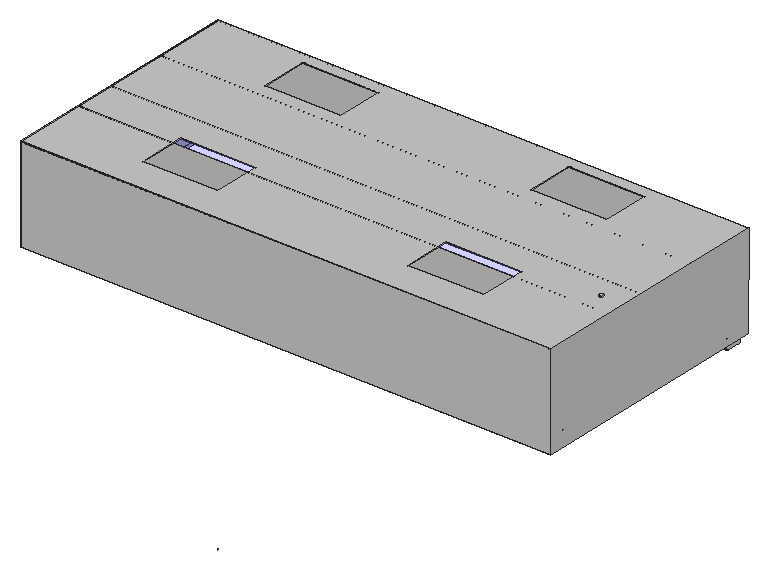
Revit family "QF_ELECTROLUXPROFESSIONAL_640040_STPF1328", category Attrezzature speciali, Revit 2021
Family settings
  Quota connettore circolare = Usa diametro
  Tipo di parte = Normale
  Basato su piano di lavoro = No
  Sempre verticale = Sì
  Taglio con vuoti quando caricato = No
  Condiviso = No
  Punto di calcolo locali = No
Parameters (values of type "Standard")
  Weight = 179.00 kg
  Watts = 240 W
  Volts = 220 V
  URL Manufacturer = "https://www.electroluxprofessional.com/"
  URL = "https://www.electroluxprofessional.com/"
  Steam Supply Size = 0 mm
  Steam Supply Minimum Pressure = 0.0 Pa
  Steam Supply Maximum Pressure = 0.0 Pa
  Steam Consumption per Hour = 0
  Refrigeration Suction Line Size = 0 mm
  Refrigeration Liquid Line Size = 0 mm
  Refrigerant Compressor Remote = yes
  Prospetto di default = 0 mm
  Produttore = "Electrolux Professional"
  Phase = 1
  Modello = "STPF1328"
  Length Actual = 2800 mm  # constant formula
  Item Number = "640040"
  Hot Water Size = 0 mm
  Height Actual = 500 mm  # constant formula
  HP = "0.3 HP"
  Gas Size = 0 mm
  Gas KW = 0
  Gas Input Pressure = 0 W
  Direct Waste Size = 0 mm
  Descrizione = "304 S/S WALL HOOD+FILTERS+LAMPS 280X130"
  Depth Actual = 1300 mm  # constant formula
  Cycle = 50 Hz
  Condensate Return Size = 0 mm
  Compressed Air Volume = 0.0 L/s
  Compressed Air Size = 0 mm
  Compressed Air Pressure = 0.0 Pa
  Cold Water Size = 0 mm
  Accessory = yes
Reference planes
  plane 1: z = 0
  plane 2 "Center (Left/Right)": x = 150
  plane 3 "LEFT": x = -1250
  plane 4 "RIGHT": x = 1550
  plane 5 "BACK": y = 550
  plane 6 "TOP": z = 2500
  plane 7 "Base": z = 2000
  plane 8: z = 1955
  plane 9 "DrainY": y = 490
  plane 10: x = -1247
  plane 11 "DrainX": x = 1430
  plane 12 "AOLeft2": x = -350
  plane 13 "AORight1": x = 650
  plane 14: x = 1547
  plane 15: x = -1050
  plane 16: x = 1350
  plane 17 "Center (Front/Back)": y = -100
  plane 18 "Front": y = -750
  plane 19 "AOLeft1": x = -750
  plane 20 "AORight2": x = 1050
  plane 21: y = -664
  plane 22: y = -414
  plane 23: y = 240
  plane 24: y = 490
  plane 25 "EI_y": y = -270
  plane 26 "EIx": x = 1430
Forms (mm)
  Extrusion 1, solid, material "QF_Finishes_Stainless Steel"
    sketch origin (-1250, 0, 360) x (0, 1, 0) y (0, 0, 1)
      loop
        line (550, 1640) -> (550, 2140) -> (-750, 2140) -> (-750, 1640) -> (550, 1640)
    from 0 to 3
  Extrusion 2, solid, material "QF_Finishes_Stainless Steel"
    sketch origin (1550, 0, 360) x (0, 1, 0) y (0, 0, 1)
      loop
        line (550, 1640) -> (550, 2140) -> (-750, 2140) -> (-750, 1640) -> (550, 1640)
    from 0 to -3
  Extrusion 3, solid, material "QF_Finishes_Stainless Steel"
    sketch origin (150, 0, 360) x (0, 1, 0) y (0, 0, 1)
      loop
        line (-750, 2140) -> (-750, 1640) -> (-740, 1640) -> (-740, 1640.8) -> (-749.2, 1640.8) -> (-749.2, 2139.19) -> (549.2, 2139.19) -> (549.2, 1640.8) -> (540, 1640.8) -> (540, 1640) -> (550, 1640) -> (550, 2140) -> (-750, 2140)
    from -1400 to 1400
  Extrusion 4, solid, material "QF_Finishes_Stainless Steel"
    sketch origin (0, 0, 2000) x (0, 1, 0) y (-1, 0, 0)
      loop
        circle (490, -1430) r 4.763
    from -30 to 0
  Extrusion 5, void
    sketch origin (0, 0, 2500) x (0, 1, 0) y (-1, 0, 0)
      loop
        line (-320, 350) -> (-320, 750) -> (-570, 750) -> (-570, 350) -> (-320, 350)
    from 0 to -10
  Extrusion 6, solid, material "QF_Finishes_Stainless Steel"
    sketch origin (0, 0, 0) x (1, 0, 0) y (0, 1, 0)
      loop
        line (-1250, 550) -> (-1250, 549) -> (-1249, 549) -> (-1249, 550) -> (-1250, 550)
    from 0 to 1
  Extrusion 7, solid, material "QF_LAMPS"
    sketch origin (150, 0, 360) x (0, 1, 0) y (0, 0, 1)
      loop
        line (-372.823, 1962.324) -> (-218.948, 2086.929) -> (-227.129, 2097.032) -> (-381.003, 1972.426) -> (-372.823, 1962.324)
    from 1397 to -1397
  Extrusion 8, solid, material "QF_Finishes_Stainless Steel"
    sketch origin (150, 0, 360) x (0, 1, 0) y (0, 0, 1)
      loop
        line (-750, 2139.19) -> (-750, 1640) -> (-686.602, 1640) -> (-599.146, 1690.493) -> (-610.058, 1709.394) -> (-666.564, 1676.77) -> (-714.704, 1680.982) -> (-749.2, 1730.248) -> (-749.2, 2139.19) -> (-750, 2139.19)
      loop
        line (-373.6, 1961.694) -> (-381.937, 1971.99) -> (-369.095, 1982.182) -> (-369.095, 2139.19) -> (-369.895, 2139.19) -> (-369.895, 1982.569) -> (-682.298, 1734.63) -> (-671.091, 1720.79) -> (-373.6, 1961.694)
      loop
        line (-227.61, 2099.216) -> (-218.171, 2087.559) -> (-154.411, 2139.19) -> (-155.682, 2139.19) -> (-218.052, 2088.684) -> (-226.989, 2099.719) -> (-227.61, 2099.216)
    from -1397 to 1397
  Sweep 9, solid, material "QF_Finishes_Stainless Steel"
    path origin (0, 0, 0) x (1, 0, 0) y (0, 1, 0)
      loop
        line (1550, 550) -> (-1250, 550) -> (-1250, -750) -> (1550, -750) -> (1550, 550)
    profile origin (1550, -100, 0) x (1, 0, 0) y (0, 0, 1)
      loop
        line (-3, 2000) -> (-3, 2000.8) -> (-19, 2000.8) -> (-19, 2010) -> (-20, 2010) -> (-20, 2000) -> (-3, 2000)
  Extrusion 10, solid, material "QF_Finishes_Stainless Steel"
    sketch origin (150, 0, 0) x (0, 1, 0) y (0, 0, 1)
      loop
        line (414.66, 2095.469) -> (440.643, 2110.471) -> (261.744, 2411.771) -> (235.948, 2396.455) -> (414.66, 2095.469)
    from -1397 to -1200
  Extrusion 11, void
    sketch origin (1134.605, 0, 2500) x (0, 1, 0) y (-1, 0, 0)
      loop
        line (-320, 84.605) -> (-320, 484.605) -> (-570, 484.605) -> (-570, 84.605) -> (-320, 84.605)
    from 0 to -10
  Extrusion 12, solid, material "QF_Finishes_Stainless Steel"
    sketch origin (1430, 0, 0) x (0, 1, 0) y (0, 0, 1)
      loop
        line (539, 2000) -> (441, 2000) -> (441, 1989) -> (448.5, 1989) -> (448.5, 1965)
        arc (448.5, 1965) -> (451.429, 1957.929) -> (458.5, 1955) r 10
        line (458.5, 1955) -> (521.5, 1955)
        arc (521.5, 1955) -> (528.571, 1957.929) -> (531.5, 1965) r 10
        line (531.5, 1965) -> (531.5, 1989) -> (539, 1989) -> (539, 2000)
    from 90 to -90
  Extrusion 13, solid, material "QF_Finishes_Stainless Steel"
    sketch origin (150, 0, 360) x (0, 1, 0) y (0, 0, 1)
      loop
        line (-750, 2139.19) -> (-750, 1640) -> (-686.602, 1640) -> (-599.146, 1690.493) -> (-610.058, 1709.394) -> (-666.564, 1676.77) -> (-714.704, 1680.982) -> (-749.2, 1730.248) -> (-749.2, 2139.19) -> (-750, 2139.19)
      loop
        line (-373.6, 1961.694) -> (-381.937, 1971.99) -> (-369.095, 1982.182) -> (-369.095, 2139.19) -> (-369.895, 2139.19) -> (-369.895, 1982.569) -> (-682.298, 1734.63) -> (-671.091, 1720.79) -> (-373.6, 1961.694)
      loop
        line (-227.61, 2099.216) -> (-218.171, 2087.559) -> (-154.411, 2139.19) -> (-155.682, 2139.19) -> (-218.052, 2088.684) -> (-226.989, 2099.719) -> (-227.61, 2099.216)
    from -1397 to 1397
  Extrusion 14, solid, material "QF_Finishes_Stainless Steel"
    sketch origin (150, 0, 0) x (0, 1, 0) y (0, 0, 1)
      loop
        line (414.66, 2095.469) -> (440.643, 2110.471) -> (261.744, 2411.771) -> (235.948, 2396.455) -> (414.66, 2095.469)
    from 1200 to 1397
  Extrusion 15, solid, material "QF_Finished_Chrome"
    sketch origin (150, 0, 0) x (0, 1, 0) y (0, 0, 1)
      loop
        line (414.66, 2095.469) -> (440.643, 2110.471) -> (261.744, 2411.771) -> (235.948, 2396.455) -> (414.66, 2095.469)
    from -1200 to 1200
  Extrusion 16, void
    sketch origin (0, 1180, 2500) x (0, 1, 0) y (-1, 0, 0)
      loop
        line (-690, 350) -> (-690, 750) -> (-940, 750) -> (-940, 350) -> (-690, 350)
    from 0 to -10
  Extrusion 17, void
    sketch origin (1600, 1180, 2500) x (0, 1, 0) y (-1, 0, 0)
      loop
        line (-690, 550) -> (-690, 950) -> (-940, 950) -> (-940, 550) -> (-690, 550)
    from 0 to -10
  Extrusion 18, solid, material "QF_Finishes_Stainless Steel"
    sketch origin (0, 0, 2500) x (0, 1, 0) y (-1, 0, 0)
      loop
        circle (-270, -1430) r 10
    from 0 to 1.6
  Extrusion 19, solid, material "QF_Finishes_Stainless Steel"
    sketch origin (150, 0, 360) x (0, 1, 0) y (0, 0, 1)
      loop
        line (430.005, 1640) -> (540, 1640) -> (540, 1640.8) -> (430.467, 1640.8) -> (371.906, 1742.23) -> (414.858, 1734.657) -> (442.266, 1750.481) -> (442.266, 1765.943) -> (441.466, 1765.943) -> (441.466, 1750.943) -> (414.709, 1735.495) -> (321.153, 1751.991) -> (320.875, 1750.416) -> (371.4, 1741.507) -> (430.005, 1640)
      loop
        line (172.529, 2139.19) -> (242.893, 2017.316) -> (245.133, 2018.715) -> (240.13, 2027.381) -> (238.569, 2026.405) -> (173.453, 2139.19) -> (172.529, 2139.19)
    from -1397 to 1397
Cuts and joins
  Extrusion 5, Extrusion 11, Extrusion 16, Extrusion 17 cuts Extrusion 3
  joined: Extrusion 2, Extrusion 3, Sweep 9
Lines and regions (mm)
  symbolic lines, style "SpecialityEquipment", detail levels coarse
    curve 1: line (1550, 550, 2500) -> (-1250, 550, 2500)
    curve 2: line (-1250, 550, 2500) -> (-1250, -750, 2500)
    curve 3: line (1550, -750, 2500) -> (1550, 550, 2500)
    curve 4: line (-1250, 550, 0) -> (1550, -750, 0)
    curve 5: line (1550, 550, 0) -> (-1250, -750, 0)
    curve 6: line (-1250, -750, 0) -> (1550, -750, 0)
    curve 7: line (-350, -320, 0) -> (-750, -320, 0)
    curve 8: line (-350, -570, 0) -> (-350, -320, 0)
    curve 9: line (-750, -570, 0) -> (-350, -570, 0)
    curve 10: line (-750, -320, 0) -> (-750, -570, 0)
    curve 11: line (650, -320, 0) -> (650, -570, 0)
    curve 12: line (1050, -320, 0) -> (650, -320, 0)
    curve 13: line (1050, -570, 0) -> (1050, -320, 0)
    curve 14: line (650, -570, 0) -> (1050, -570, 0)
  symbolic lines, detail levels coarse
    curve 15: line (-750, 240, 2500) -> (-350, 240, 2500)
    curve 16: line (-750, 490, 2500) -> (-750, 240, 2500)
    curve 17: line (-350, 490, 2500) -> (-750, 490, 2500)
    curve 18: line (-350, 240, 2500) -> (-350, 490, 2500)
    curve 19: line (650, 490, 2500) -> (650, 240, 2500)
    curve 20: line (1050, 490, 2500) -> (650, 490, 2500)
    curve 21: line (650, 240, 2500) -> (1050, 240, 2500)
    curve 22: line (1050, 240, 2500) -> (1050, 490, 2500)
Dimensions and locks
  plane 3 "LEFT" to plane 4 "RIGHT" = 2800 mm
  equal spacing: plane 3 "LEFT", plane 2 "Center (Left/Right)", plane 4 "RIGHT"
  plane 7 "Base" to plane 8 = 45 mm
  plane 5 "BACK" to plane 9 "DrainY" = 60 mm  (x2)
  plane 3 "LEFT" to plane 10 = 3 mm
  plane 11 "DrainX" to plane 4 "RIGHT" = 120 mm
  plane 14 to plane 4 "RIGHT" = 3 mm
  plane 3 "LEFT" to plane 15 = 200 mm
  plane 16 to plane 4 "RIGHT" = 200 mm
  locked: plane 12 "AOLeft2" to plane 13 "AORight1" at 1000
  equal spacing: plane 12 "AOLeft2", plane 2 "Center (Left/Right)", plane 13 "AORight1"
  locked: plane 7 "Base" to level at 2000
  locked: plane 6 "TOP" to plane 7 "Base" at 500
  locked: plane 5 "BACK" to plane 18 "Front" at 1300
  equal spacing: plane 5 "BACK", plane 17 "Center (Front/Back)", plane 18 "Front"
  locked: plane 19 "AOLeft1" to plane 12 "AOLeft2" at 400
  locked: plane 13 "AORight1" to plane 20 "AORight2" at 400
  locked: plane 22 to plane 21 at 250
  plane 21 to plane 18 "Front" = 86 mm
  locked: plane 24 to plane 23 at 250
  plane 5 "BACK" to plane 24 = 60 mm
  locked: plane 25 "EI_y" to plane 18 "Front" at 480
  locked: plane 26 "EIx" to plane 4 "RIGHT" at 120
  plane 5 "BACK" to plane 18 "Front" = 1300 mm
  aligned and locked: level to plane 1
  aligned and locked: plane 4 "RIGHT" to Extrusion 3
  aligned and locked: Extrusion 3 to plane 3 "LEFT"
  aligned and locked: Extrusion 2 to plane 14
  aligned and locked: Extrusion 10 to plane 10
  aligned and locked: Extrusion 8 to plane 10
  aligned and locked: plane 14 to Extrusion 8
  aligned and locked: Extrusion 5 to plane 19 "AOLeft1"
  aligned and locked: Extrusion 5 to plane 12 "AOLeft2"
  aligned and locked: plane 20 "AORight2" to Extrusion 11
  aligned and locked: plane 13 "AORight1" to Extrusion 11
  aligned and locked: plane 15 to Extrusion 10
  aligned and locked: plane 16 to Extrusion 14
  aligned and locked: plane 14 to Extrusion 14
  aligned and locked: Extrusion 15 to plane 15
  aligned and locked: Extrusion 15 to plane 16
  aligned and locked: plane 14 to Extrusion 7
  aligned and locked: Extrusion 7 to plane 10
  aligned and locked: Extrusion 16 to plane 23
  aligned and locked: plane 24 to Extrusion 16
  aligned and locked: plane 24 to Extrusion 17
  aligned and locked: Extrusion 17 to plane 23
  aligned and locked: plane 13 "AORight1" to Extrusion 17
  aligned and locked: plane 20 "AORight2" to Extrusion 17
  aligned and locked: Extrusion 16 to plane 19 "AOLeft1"
  aligned and locked: Extrusion 16 to plane 12 "AOLeft2"
  aligned and locked: Extrusion 19 to plane 10
  aligned and locked: plane 14 to Extrusion 19
  aligned and locked: plane 14 to Extrusion 13
  aligned and locked: Extrusion 13 to plane 10
Automatic sketch dimensions
  curve 6 to plane 3 "LEFT" = 0 mm
  curve 4 to plane 3 "LEFT" = 0 mm
  curve 10 to plane 19 "AOLeft1" = 0 mm
  curve 8 to plane 12 "AOLeft2" = 0 mm
  curve 14 to plane 13 "AORight1" = 0 mm
  curve 14 to plane 20 "AORight2" = 0 mm
  curve 5 to plane 4 "RIGHT" = 0 mm
  curve 6 to plane 4 "RIGHT" = 0 mm
  curve 4 to plane 18 "Front" = 0 mm
  curve 4 to plane 5 "BACK" = 0 mm
  curve 5 to plane 5 "BACK" = 0 mm
  plane 21 to curve 14 = 94 mm
  plane 21 to curve 9 = 94 mm
  curve 10 to plane 25 "EI_y" = 50 mm
  curve 11 to plane 25 "EI_y" = 50 mm
  curve 2 to plane 3 "LEFT" = 0 mm
  curve 2 to plane 18 "Front" = 0 mm
  curve 3 to plane 4 "RIGHT" = 0 mm
  curve 3 to plane 18 "Front" = 0 mm
  curve 2 to plane 5 "BACK" = 0 mm
  Extrusion 1 sketch curve to plane 7 "Base" = 0 mm
  Extrusion 1 sketch curve to plane 18 "Front" = 0 mm
  Extrusion 1 sketch curve to plane 5 "BACK" = 0 mm
  Extrusion 1 sketch curve to plane 6 "TOP" = 0 mm
  Extrusion 2 sketch curve to plane 7 "Base" = 0 mm
  Extrusion 2 sketch curve to plane 18 "Front" = 0 mm
  Extrusion 2 sketch curve to plane 5 "BACK" = 0 mm
  Extrusion 2 sketch curve to plane 6 "TOP" = 0 mm
  Extrusion 3 sketch curve to plane 6 "TOP" = 0 mm
  Extrusion 3 sketch curve to plane 18 "Front" = 0 mm
  Extrusion 3 sketch curve to plane 7 "Base" = 0 mm  (x2)
  Extrusion 3 sketch curve to plane 5 "BACK" = 0 mm
  plane 18 "Front" to Extrusion 3 sketch curve = 0.8 mm
  Extrusion 3 sketch curve to Extrusion 3 sketch curve = 9.2 mm
  plane 7 "Base" to Extrusion 3 sketch curve = 0.8 mm  (x2)
  Extrusion 3 sketch curve to plane 5 "BACK" = 10 mm
  Extrusion 3 sketch curve to plane 5 "BACK" = 0.8 mm
  Extrusion 3 sketch curve to plane 6 "TOP" = 0.81 mm
  Extrusion 4 sketch curve to plane 9 "DrainY" = 0 mm
  Extrusion 4 sketch curve to plane 11 "DrainX" = 0 mm
  Extrusion 5 sketch curve to plane 12 "AOLeft2" = 0 mm
  Extrusion 5 sketch curve to plane 19 "AOLeft1" = 0 mm
  plane 21 to Extrusion 5 sketch curve = 94 mm
  Extrusion 5 sketch curve to plane 25 "EI_y" = 50 mm
  Extrusion 6 sketch curve to plane 3 "LEFT" = 0 mm
  Extrusion 6 sketch curve to plane 5 "BACK" = 0 mm
  plane 3 "LEFT" to Extrusion 6 sketch curve = 1 mm
  Extrusion 6 sketch curve to Extrusion 6 sketch curve = 1 mm
  plane 22 to Extrusion 7 sketch curve = 32.997 mm
  Extrusion 7 sketch curve to Extrusion 7 sketch curve = 8.181 mm  (x2)
  plane 25 "EI_y" to Extrusion 7 sketch curve = 42.871 mm
  Extrusion 7 sketch curve to plane 6 "TOP" = 177.676 mm
  Extrusion 7 sketch curve to Extrusion 7 sketch curve = 10.102 mm
  Extrusion 7 sketch curve to plane 6 "TOP" = 53.071 mm
  Extrusion 7 sketch curve to Extrusion 7 sketch curve = 10.103 mm
  Extrusion 8 sketch curve to plane 7 "Base" = 0 mm
  Extrusion 8 sketch curve to plane 18 "Front" = 0 mm
  Extrusion 8 sketch curve to Extrusion 8 sketch curve = 0.8 mm  (x2)
  plane 18 "Front" to Extrusion 8 sketch curve = 35.296 mm
  Extrusion 8 sketch curve to plane 21 = 22.602 mm
  Extrusion 8 sketch curve to plane 21 = 18.298 mm
  Extrusion 8 sketch curve to plane 21 = 7.091 mm
  Extrusion 8 sketch curve to plane 21 = 2.564 mm
  plane 21 to Extrusion 8 sketch curve = 53.942 mm
  Extrusion 8 sketch curve to Extrusion 8 sketch curve = 10.912 mm
  plane 22 to Extrusion 8 sketch curve = 32.063 mm
  Extrusion 8 sketch curve to Extrusion 8 sketch curve = 8.337 mm
  Extrusion 8 sketch curve to Extrusion 8 sketch curve = 12.042 mm
  plane 25 "EI_y" to Extrusion 8 sketch curve = 42.39 mm
  Extrusion 8 sketch curve to Extrusion 8 sketch curve = 0.622 mm
  Extrusion 8 sketch curve to Extrusion 8 sketch curve = 9.44 mm
  Extrusion 8 sketch curve to Extrusion 8 sketch curve = 0.118 mm
  Extrusion 8 sketch curve to plane 6 "TOP" = 0.81 mm  (x3)
  Extrusion 8 sketch curve to plane 17 "Center (Front/Back)" = 55.682 mm
  Extrusion 8 sketch curve to Extrusion 8 sketch curve = 1.271 mm
  plane 7 "Base" to Extrusion 8 sketch curve = 36.77 mm
  plane 7 "Base" to Extrusion 8 sketch curve = 40.982 mm
  plane 7 "Base" to Extrusion 8 sketch curve = 50.493 mm
  Extrusion 8 sketch curve to Extrusion 8 sketch curve = 18.901 mm
  Extrusion 8 sketch curve to Extrusion 8 sketch curve = 44.02 mm
  Extrusion 8 sketch curve to Extrusion 8 sketch curve = 49.266 mm
  Extrusion 8 sketch curve to Extrusion 8 sketch curve = 13.84 mm
  Extrusion 8 sketch curve to plane 6 "TOP" = 178.306 mm
  Extrusion 8 sketch curve to Extrusion 8 sketch curve = 10.296 mm
  Extrusion 8 sketch curve to Extrusion 8 sketch curve = 10.192 mm
  Extrusion 8 sketch curve to Extrusion 8 sketch curve = 0.386 mm
  Extrusion 8 sketch curve to plane 6 "TOP" = 52.441 mm
  Extrusion 8 sketch curve to Extrusion 8 sketch curve = 1.125 mm
  Sweep 9 sketch curve to plane 3 "LEFT" = 0 mm
  Sweep 9 sketch curve to plane 4 "RIGHT" = 0 mm
  Sweep 9 sketch curve to plane 18 "Front" = 0 mm
  Sweep 9 sketch curve to plane 5 "BACK" = 0 mm
  profile plane to Sweep 9 sketch curve = 20 mm
  Sweep 9 sketch curve to Sweep 9 sketch curve = 1 mm
  profile plane to Sweep 9 sketch curve = 3 mm
  level to Sweep 9 sketch curve = 2000 mm
  Sweep 9 sketch curve to Sweep 9 sketch curve = 0.8 mm
  Sweep 9 sketch curve to Sweep 9 sketch curve = 9.2 mm
  Extrusion 10 sketch curve to plane 23 = 4.052 mm
  plane 23 to Extrusion 10 sketch curve = 21.744 mm
  Extrusion 10 sketch curve to plane 9 "DrainY" = 75.34 mm
  Extrusion 10 sketch curve to Extrusion 10 sketch curve = 25.983 mm
  plane 7 "Base" to Extrusion 10 sketch curve = 95.469 mm
  Extrusion 10 sketch curve to Extrusion 10 sketch curve = 15.001 mm
  Extrusion 10 sketch curve to plane 6 "TOP" = 103.545 mm
  Extrusion 10 sketch curve to Extrusion 10 sketch curve = 15.316 mm
  Extrusion 11 sketch curve to plane 20 "AORight2" = 0 mm
  Extrusion 11 sketch curve to plane 13 "AORight1" = 0 mm
  plane 21 to Extrusion 11 sketch curve = 94 mm
  Extrusion 11 sketch curve to plane 25 "EI_y" = 50 mm
  Extrusion 13 sketch curve to plane 7 "Base" = 0 mm
  Extrusion 13 sketch curve to plane 18 "Front" = 0 mm
  Extrusion 13 sketch curve to Extrusion 13 sketch curve = 0.8 mm  (x2)
  plane 18 "Front" to Extrusion 13 sketch curve = 35.296 mm
  Extrusion 13 sketch curve to plane 21 = 22.602 mm
  Extrusion 13 sketch curve to plane 21 = 18.298 mm
  Extrusion 13 sketch curve to plane 21 = 7.091 mm
  Extrusion 13 sketch curve to plane 21 = 2.564 mm
  plane 21 to Extrusion 13 sketch curve = 53.942 mm
  Extrusion 13 sketch curve to Extrusion 13 sketch curve = 10.912 mm
  plane 22 to Extrusion 13 sketch curve = 32.063 mm
  Extrusion 13 sketch curve to Extrusion 13 sketch curve = 8.337 mm
  Extrusion 13 sketch curve to plane 6 "TOP" = 0.81 mm  (x3)
  plane 22 to Extrusion 13 sketch curve = 44.105 mm
  plane 25 "EI_y" to Extrusion 13 sketch curve = 42.39 mm
  Extrusion 13 sketch curve to Extrusion 13 sketch curve = 0.622 mm
  Extrusion 13 sketch curve to Extrusion 13 sketch curve = 9.44 mm
  Extrusion 13 sketch curve to Extrusion 13 sketch curve = 0.118 mm
  Extrusion 13 sketch curve to plane 17 "Center (Front/Back)" = 55.682 mm
  Extrusion 13 sketch curve to Extrusion 13 sketch curve = 1.271 mm
  plane 7 "Base" to Extrusion 13 sketch curve = 36.77 mm
  plane 7 "Base" to Extrusion 13 sketch curve = 40.982 mm
  plane 7 "Base" to Extrusion 13 sketch curve = 50.493 mm
  Extrusion 13 sketch curve to Extrusion 13 sketch curve = 18.901 mm
  Extrusion 13 sketch curve to Extrusion 13 sketch curve = 44.02 mm
  Extrusion 13 sketch curve to Extrusion 13 sketch curve = 49.266 mm
  Extrusion 13 sketch curve to Extrusion 13 sketch curve = 13.84 mm
  Extrusion 13 sketch curve to Extrusion 13 sketch curve = 177.496 mm
  Extrusion 13 sketch curve to Extrusion 13 sketch curve = 10.296 mm
  Extrusion 13 sketch curve to Extrusion 13 sketch curve = 10.192 mm
  Extrusion 13 sketch curve to Extrusion 13 sketch curve = 0.386 mm
  Extrusion 13 sketch curve to plane 6 "TOP" = 52.441 mm
  Extrusion 13 sketch curve to Extrusion 13 sketch curve = 1.125 mm
  Extrusion 14 sketch curve to plane 23 = 4.052 mm
  plane 23 to Extrusion 14 sketch curve = 21.744 mm
  Extrusion 14 sketch curve to plane 9 "DrainY" = 75.34 mm
  Extrusion 14 sketch curve to Extrusion 14 sketch curve = 25.983 mm
  plane 7 "Base" to Extrusion 14 sketch curve = 95.469 mm
  Extrusion 14 sketch curve to Extrusion 14 sketch curve = 15.001 mm
  Extrusion 14 sketch curve to plane 6 "TOP" = 103.545 mm
  Extrusion 14 sketch curve to Extrusion 14 sketch curve = 15.316 mm
  Extrusion 15 sketch curve to plane 23 = 4.052 mm
  plane 23 to Extrusion 15 sketch curve = 21.744 mm
  Extrusion 15 sketch curve to plane 9 "DrainY" = 75.34 mm
  Extrusion 15 sketch curve to Extrusion 15 sketch curve = 25.983 mm
  plane 7 "Base" to Extrusion 15 sketch curve = 95.469 mm
  Extrusion 15 sketch curve to Extrusion 15 sketch curve = 15.001 mm
  Extrusion 15 sketch curve to plane 6 "TOP" = 103.545 mm
  Extrusion 15 sketch curve to Extrusion 15 sketch curve = 15.316 mm
  Extrusion 16 sketch curve to plane 12 "AOLeft2" = 0 mm
  Extrusion 16 sketch curve to plane 23 = 0 mm
  Extrusion 16 sketch curve to plane 9 "DrainY" = 0 mm
  Extrusion 16 sketch curve to plane 19 "AOLeft1" = 0 mm
  Extrusion 17 sketch curve to plane 20 "AORight2" = 0 mm
  Extrusion 17 sketch curve to plane 23 = 0 mm
  Extrusion 17 sketch curve to plane 9 "DrainY" = 0 mm
  Extrusion 17 sketch curve to plane 13 "AORight1" = 0 mm
  Extrusion 18 sketch curve to plane 25 "EI_y" = 0 mm
  Extrusion 18 sketch curve to plane 26 "EIx" = 0 mm
  Extrusion 19 sketch curve to plane 7 "Base" = 0 mm
  Extrusion 19 sketch curve to plane 9 "DrainY" = 47.734 mm
  Extrusion 19 sketch curve to Extrusion 19 sketch curve = 0.8 mm
  plane 9 "DrainY" to Extrusion 19 sketch curve = 50 mm
  plane 7 "Base" to Extrusion 19 sketch curve = 0.8 mm
  Extrusion 19 sketch curve to Extrusion 19 sketch curve = 109.533 mm
  Extrusion 19 sketch curve to Extrusion 19 sketch curve = 0.462 mm  (x2)
  Extrusion 19 sketch curve to Extrusion 19 sketch curve = 26.608 mm
  Extrusion 19 sketch curve to Extrusion 19 sketch curve = 0.148 mm
  Extrusion 19 sketch curve to Extrusion 19 sketch curve = 42.803 mm
  Extrusion 19 sketch curve to Extrusion 19 sketch curve = 0.506 mm
  Extrusion 19 sketch curve to Extrusion 19 sketch curve = 50.247 mm
  Extrusion 19 sketch curve to Extrusion 19 sketch curve = 0.278 mm
  plane 23 to Extrusion 19 sketch curve = 5.133 mm
  Extrusion 19 sketch curve to Extrusion 19 sketch curve = 2.24 mm
  plane 23 to Extrusion 19 sketch curve = 0.13 mm
  Extrusion 19 sketch curve to plane 23 = 1.431 mm
  Extrusion 19 sketch curve to plane 6 "TOP" = 0.81 mm
  Extrusion 19 sketch curve to plane 23 = 66.547 mm
  Extrusion 19 sketch curve to Extrusion 19 sketch curve = 0.924 mm
  plane 7 "Base" to Extrusion 19 sketch curve = 94.657 mm
  Extrusion 19 sketch curve to Extrusion 19 sketch curve = 0.838 mm
  Extrusion 19 sketch curve to Extrusion 19 sketch curve = 6.012 mm
  Extrusion 19 sketch curve to Extrusion 19 sketch curve = 0.723 mm
  Extrusion 19 sketch curve to Extrusion 19 sketch curve = 14.986 mm
  Extrusion 19 sketch curve to Extrusion 19 sketch curve = 15 mm
  Extrusion 19 sketch curve to plane 6 "TOP" = 122.684 mm
  Extrusion 19 sketch curve to Extrusion 19 sketch curve = 1.399 mm
  Extrusion 19 sketch curve to Extrusion 19 sketch curve = 9.089 mm
  Extrusion 19 sketch curve to Extrusion 19 sketch curve = 0.975 mm
  curve 15 to plane 19 "AOLeft1" = 0 mm
  curve 15 to plane 23 = 0 mm
  curve 16 to plane 9 "DrainY" = 0 mm
  curve 15 to plane 12 "AOLeft2" = 0 mm
  curve 19 to plane 13 "AORight1" = 0 mm
  curve 19 to plane 23 = 0 mm
  curve 20 to plane 9 "DrainY" = 0 mm
  curve 21 to plane 20 "AORight2" = 0 mm
  Extrusion 12 sketch curve to plane 8 = 0 mm
  Extrusion 12 sketch curve to plane 7 "Base" = 11 mm  (x2)
  Extrusion 12 sketch curve to plane 9 "DrainY" = 49 mm
  Extrusion 12 sketch curve to Extrusion 12 sketch curve = 7.5 mm  (x2)
  Extrusion 12 sketch curve to Extrusion 12 sketch curve = 10 mm
  Extrusion 12 sketch curve to plane 5 "BACK" = 28.5 mm
  Extrusion 12 sketch curve to plane 5 "BACK" = 18.5 mm
  plane 7 "Base" to Extrusion 12 sketch curve = 0 mm
  radius of Extrusion 4 sketch curve = 4.763 mm
  radius of Extrusion 18 sketch curve = 10 mm
Connectors
  piping at (1430, 490, 1970), diameter 9.5
    settings: on Extrusion 4, index 1, connector inside diameter 609.6 mm, connector length 0 mm, flow factor 0, pipe flow 0.0 L/s, pressure drop 0.0 Pa, fitting loss kfactor 0, connector angle 0.00°, fixture units 0, engagement length 0 mm, angle of deflection 0.00°, flow configuration 1, flow direction 2, fitting loss method 0, system type 16, joint type 0, gender type 0, connector reference index -1, connector utility 0, adjustable connector no, is connector primary yes, connector description "Drain"
  hvac at (-550, -445, 2500)
    settings: on Extrusion 5, index 2, duct flow 0.0 L/s, flow factor 0, pres drop 0.0 Pa, loss coef 0, conn angle 0.00°, conn width 250 mm, conn height 400 mm, conn diameter 609.6 mm, duct sys type 1, conn prof type 1, flow config 1, flow direction 1, loss method 0, conn ref index -1, conn util no, is conn primary yes, conn desc "AIR INLET"
  hvac at (850, -445, 2500)
    settings: on Extrusion 11, index 3, duct flow 0.0 L/s, flow factor 0, pres drop 0.0 Pa, loss coef 0, conn angle 0.00°, conn width 250 mm, conn height 400 mm, conn diameter 609.6 mm, duct sys type 1, conn prof type 1, flow config 1, flow direction 1, loss method 0, conn ref index -1, conn util no, is conn primary no, conn desc "AIR INLET"
  hvac at (-550, 365, 2500)
    settings: on Extrusion 16, index 4, duct flow 0.0 L/s, flow factor 0, pres drop 0.0 Pa, loss coef 0, conn angle 0.00°, conn width 250 mm, conn height 400 mm, conn diameter 609.6 mm, duct sys type 3, conn prof type 1, flow config 1, flow direction 2, loss method 0, conn ref index -1, conn util no, is conn primary no, conn desc "EXHAUST OUTLET"
  hvac at (850, 365, 2500)
    settings: on Extrusion 17, index 5, duct flow 0.0 L/s, flow factor 0, pres drop 0.0 Pa, loss coef 0, conn angle 0.00°, conn width 250 mm, conn height 400 mm, conn diameter 609.6 mm, duct sys type 3, conn prof type 1, flow config 1, flow direction 2, loss method 0, conn ref index -1, conn util no, is conn primary no, conn desc "EXHAUST OUTLET"
  electrical at (1430, -270, 2501.6), driven by "Volts"
    settings: on Extrusion 18, index 6, voltage 220 V, apparent load 0 VA, apparent load phase1 0 VA, apparent load phase2 0 VA, apparent load phase3 0 VA, power factor 1, load classification "Other", number of poles 1, system type 30, power factor state 1, is connector primary yes, connector utility no, sub classification motor no, connector description "Electrical Connection"
